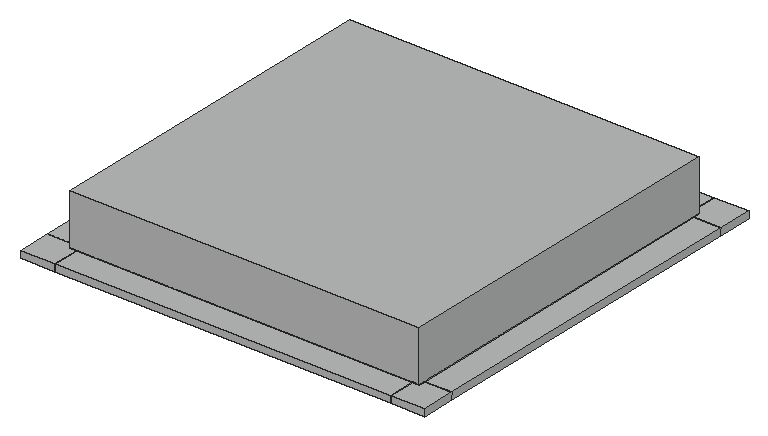
Revit family "ALUMOGIPS", category Осветительные приборы, Revit 2019 (continued)
Types (72, lengths in mm): name | Файл фотометрической сетки | built-in parameter 1150105 | Lumens | built-in parameter 1150106 | built-in parameter 1150142 | Wattage | Emit from Rectangle Width | Emit from Rectangle Length | Длина | Материал светильника | Ширина | ADSK_Ток | ADSK_Полная мощность | ADSK_Обозначение | ADSK_Номинальная мощность | ADSK_Наименование | ADSK_Масса | ADSK_Код изделия
  Alumogips-30/opal-sand 295х595 (IP40, 4000К, серый) c БАП на 1 час | "Светильник ALUMOGIPS-30 OPAL-SAND-(295x595).IES" | 198.94 (stored number, unit not read) | 2500 lm | 1.9894 (stored number, unit not read) | "IESNA:LM-63-95\r\n[TEST] Протокол №80\r\n[DATA]26.06.2016\r\n[MORE] \r\n[MANUFAC] ЗАО \"Центрстройсвет\"\r\n[LUMCAT]  Светильник ALUMOGIPS-30/OPAL-SAND-(295x595)\r\n[LUMINAIRE]\r\n[LAMPCAT] Светодиоды\r\n[LAMP] Поток источника света (светодиодов) не известен\r\n[MORE] КСС приведена в абсолютных величинах кд\r\n[MORE] Вместо потока лампы, указан поток светильника.\r\nTILT=NONE\r\n1    2420 1.0 37 73 1 2 0.295 0.595 0.04\r\n1.0 1.0 28.9\r\n0.0 5.0 10.0 15.0 20.0 25.0 30.0 35.0 40.0 45.0 50.0 55.0 60.0 65.0 70.0 75.0 80.0 85.0 90.0 95.0 100.0 105.0 110.0 115.0 120.0 125.0 130.0 135.0 140.0 145.0 150.0 155.0 160.0 165.0 170.0 175.0 180.0\r\n0.0 5.0 10.0 15.0 20.0 25.0 30.0 35.0 40.0 45.0 50.0 55.0 60.0 65.0 70.0 75.0 80.0 85.0 90.0 95.0 100.0 105.0 110.0 115.0 120.0 125.0 130.0 135.0 140.0 145.0 150.0 155.0 160.0 165.0 170.0 175.0 180.0 185.0 190.0 195.0 200.0 205.0 210.0 215.0 220.0 225.0 230.0 235.0 240.0 245.0 250.0 255.0 260.0 265.0 270.0 275.0 280.0 285.0 290.0 295.0 300.0 305.0 310.0 315.0 320.0 325.0 330.0 335.0 340.0 345.0 350.0 355.0 360.0\r\n911.1 908.3 889.4 861.2 824.6 779.8 729.1 674.3 613.8 546.0 479.1 412.2 342.1 274.7 206.6 142.5 83.1 30.5 0.2 0.0 0.0 0.0 0.0 0.0 0.0 0.0 0.0 0.0 0.0 0.0 0.0 0.0 0.0 0.0 0.0 0.0 0.0\r\n911.1 908.3 890.4 862.2 826.0 781.2 730.0 673.5 610.8 545.9 478.1 412.0 343.0 274.6 207.5 142.8 83.4 31.1 0.3 0.0 0.0 0.0 0.0 0.0 0.0 0.0 0.0 0.0 0.0 0.0 0.0 0.0 0.0 0.0 0.0 0.0 0.0\r\n911.1 908.5 890.5 862.8 826.3 781.1 729.7 670.6 612.5 548.7 480.3 412.7 344.4 275.2 207.5 143.5 83.8 31.5 0.3 0.0 0.0 0.0 0.0 0.0 0.0 0.0 0.0 0.0 0.0 0.0 0.0 0.0 0.0 0.0 0.0 0.0 0.0\r\n911.1 909.2 889.7 860.5 825.1 782.3 731.0 672.5 613.1 547.3 478.2 411.8 342.9 275.2 208.3 143.7 83.9 31.8 0.3 0.0 0.0 0.0 0.0 0.0 0.0 0.0 0.0 0.0 0.0 0.0 0.0 0.0 0.0 0.0 0.0 0.0 0.0\r\n911.1 909.0 891.0 861.5 825.6 782.4 732.7 675.9 611.0 545.2 481.9 413.1 344.4 276.1 208.3 144.0 84.6 32.0 0.3 0.0 0.0 0.0 0.0 0.0 0.0 0.0 0.0 0.0 0.0 0.0 0.0 0.0 0.0 0.0 0.0 0.0 0.0\r\n911.1 908.9 890.1 863.3 826.9 783.2 729.2 673.9 611.8 547.8 480.9 414.1 343.8 275.8 208.6 144.4 85.0 32.4 0.3 0.0 0.0 0.0 0.0 0.0 0.0 0.0 0.0 0.0 0.0 0.0 0.0 0.0 0.0 0.0 0.0 0.0 0.0\r\n911.1 908.9 890.0 862.2 828.3 782.8 731.1 675.1 614.3 547.6 481.3 413.0 345.8 276.7 208.8 145.0 85.3 32.6 0.4 0.0 0.0 0.0 0.0 0.0 0.0 0.0 0.0 0.0 0.0 0.0 0.0 0.0 0.0 0.0 0.0 0.0 0.0\r\n911.1 908.5 891.5 865.2 825.7 780.8 732.5 674.6 615.0 551.3 482.1 414.1 345.1 277.4 208.6 145.5 85.5 33.2 0.5 0.0 0.0 0.0 0.0 0.0 0.0 0.0 0.0 0.0 0.0 0.0 0.0 0.0 0.0 0.0 0.0 0.0 0.0\r\n911.1 908.2 891.4 865.6 827.3 781.0 734.3 676.9 614.9 549.4 482.0 413.8 346.2 277.0 209.5 145.9 86.0 33.8 0.4 0.0 0.0 0.0 0.0 0.0 0.0 0.0 0.0 0.0 0.0 0.0 0.0 0.0 0.0 0.0 0.0 0.0 0.0\r\n911.1 908.7 891.0 864.3 829.6 784.0 732.9 673.2 614.9 550.2 484.5 414.8 346.4 277.8 210.5 146.4 87.2 33.9 0.6 0.0 0.0 0.0 0.0 0.0 0.0 0.0 0.0 0.0 0.0 0.0 0.0 0.0 0.0 0.0 0.0 0.0 0.0\r\n911.1 909.3 890.7 863.4 828.2 782.7 733.6 675.6 617.1 551.3 485.9 416.5 347.0 279.5 211.3 147.1 87.6 34.5 0.8 0.0 0.0 0.0 0.0 0.0 0.0 0.0 0.0 0.0 0.0 0.0 0.0 0.0 0.0 0.0 0.0 0.0 0.0\r\n911.1 908.7 892.5 864.0 829.2 784.2 733.3 676.9 615.6 551.9 484.7 416.9 348.3 279.6 211.6 148.3 88.1 35.0 0.9 0.0 0.0 0.0 0.0 0.0 0.0 0.0 0.0 0.0 0.0 0.0 0.0 0.0 0.0 0.0 0.0 0.0 0.0\r\n911.1 907.6 892.1 865.2 827.4 784.6 731.8 676.8 617.7 552.8 485.1 418.8 350.7 281.3 212.5 148.4 89.0 35.7 1.0 0.0 0.0 0.0 0.0 0.0 0.0 0.0 0.0 0.0 0.0 0.0 0.0 0.0 0.0 0.0 0.0 0.0 0.0\r\n911.1 907.1 892.1 864.5 830.2 788.3 733.6 677.4 617.3 552.0 487.9 420.8 349.8 281.3 213.4 149.2 89.9 36.2 1.3 0.0 0.0 0.0 0.0 0.0 0.0 0.0 0.0 0.0 0.0 0.0 0.0 0.0 0.0 0.0 0.0 0.0 0.0\r\n911.1 907.7 891.9 865.7 828.5 785.6 735.2 678.9 620.0 555.8 488.8 421.1 351.5 282.7 215.2 149.7 90.8 36.9 1.5 0.0 0.0 0.0 0.0 0.0 0.0 0.0 0.0 0.0 0.0 0.0 0.0 0.0 0.0 0.0 0.0 0.0 0.0\r\n911.1 907.8 891.0 864.8 830.1 786.1 738.7 679.4 616.5 556.6 490.6 420.2 352.4 284.5 215.4 151.3 91.1 37.6 1.5 0.0 0.0 0.0 0.0 0.0 0.0 0.0 0.0 0.0 0.0 0.0 0.0 0.0 0.0 0.0 0.0 0.0 0.0\r\n911.1 907.6 892.2 865.5 829.8 785.3 740.8 681.1 621.3 555.2 488.2 422.8 352.5 285.0 216.2 151.5 92.2 38.3 1.9 0.0 0.0 0.0 0.0 0.0 0.0 0.0 0.0 0.0 0.0 0.0 0.0 0.0 0.0 0.0 0.0 0.0 0.0\r\n911.1 907.4 892.1 866.1 829.8 787.6 737.3 681.4 621.4 556.0 491.1 422.7 354.9 284.7 217.1 152.4 93.0 39.4 2.0 0.0 0.0 0.0 0.0 0.0 0.0 0.0 0.0 0.0 0.0 0.0 0.0 0.0 0.0 0.0 0.0 0.0 0.0\r\n911.1 907.1 892.7 864.9 831.7 788.2 738.4 680.3 623.5 555.8 491.4 423.2 354.0 286.0 218.2 152.8 93.7 40.1 1.9 0.0 0.0 0.0 0.0 0.0 0.0 0.0 0.0 0.0 0.0 0.0 0.0 0.0 0.0 0.0 0.0 0.0 0.0\r\n911.1 907.4 892.3 867.6 830.6 789.2 737.9 683.1 622.5 558.1 492.5 424.4 355.9 287.7 219.1 154.3 94.7 40.4 2.5 0.0 0.0 0.0 0.0 0.0 0.0 0.0 0.0 0.0 0.0 0.0 0.0 0.0 0.0 0.0 0.0 0.0 0.0\r\n911.1 907.5 892.4 866.9 832.1 790.0 736.6 683.9 623.3 559.4 493.1 425.9 357.0 288.4 220.1 155.2 95.3 41.1 2.6 0.0 0.0 0.0 0.0 0.0 0.0 0.0 0.0 0.0 0.0 0.0 0.0 0.0 0.0 0.0 0.0 0.0 0.0\r\n911.1 906.9 893.0 866.2 832.9 789.5 740.6 686.4 622.6 558.9 494.6 425.2 357.7 289.6 220.8 156.1 95.8 41.9 2.6 0.0 0.0 0.0 0.0 0.0 0.0 0.0 0.0 0.0 0.0 0.0 0.0 0.0 0.0 0.0 0.0 0.0 0.0\r\n911.1 906.5 892.0 867.1 832.6 789.9 741.4 686.3 627.3 561.0 497.2 429.6 357.8 290.1 222.7 156.4 96.7 42.4 3.1 0.0 0.0 0.0 0.0 0.0 0.0 0.0 0.0 0.0 0.0 0.0 0.0 0.0 0.0 0.0 0.0 0.0 0.0\r\n911.1 906.8 892.3 868.3 834.8 789.8 739.1 686.9 625.0 562.3 496.2 428.6 359.5 290.7 222.5 158.0 97.5 42.6 3.4 0.0 0.0 0.0 0.0 0.0 0.0 0.0 0.0 0.0 0.0 0.0 0.0 0.0 0.0 0.0 0.0 0.0 0.0\r\n911.1 907.7 893.1 868.2 834.1 793.7 743.1 687.9 626.4 562.8 495.5 430.8 360.5 292.6 223.4 158.6 97.7 43.5 3.3 0.0 0.0 0.0 0.0 0.0 0.0 0.0 0.0 0.0 0.0 0.0 0.0 0.0 0.0 0.0 0.0 0.0 0.0\r\n911.1 908.2 893.8 868.2 835.6 793.6 743.3 688.3 626.0 564.5 498.1 431.2 361.0 293.4 224.3 158.9 98.6 44.0 3.5 0.0 0.0 0.0 0.0 0.0 0.0 0.0 0.0 0.0 0.0 0.0 0.0 0.0 0.0 0.0 0.0 0.0 0.0\r\n911.1 906.7 894.2 868.9 835.7 792.8 743.7 688.3 628.3 564.5 497.7 430.5 361.2 293.3 224.8 160.4 99.3 44.4 3.7 0.0 0.0 0.0 0.0 0.0 0.0 0.0 0.0 0.0 0.0 0.0 0.0 0.0 0.0 0.0 0.0 0.0 0.0\r\n911.1 906.5 894.7 867.9 834.7 795.0 744.2 689.6 630.1 566.4 499.6 431.8 363.0 294.1 225.6 160.8 100.0 45.1 3.6 0.0 0.0 0.0 0.0 0.0 0.0 0.0 0.0 0.0 0.0 0.0 0.0 0.0 0.0 0.0 0.0 0.0 0.0\r\n911.1 906.5 895.1 869.9 835.9 794.8 744.6 690.7 627.4 566.4 500.2 432.4 364.0 294.7 227.0 161.2 100.6 45.6 3.8 0.0 0.0 0.0 0.0 0.0 0.0 0.0 0.0 0.0 0.0 0.0 0.0 0.0 0.0 0.0 0.0 0.0 0.0\r\n911.1 906.1 895.4 869.1 835.9 794.7 746.0 689.6 630.7 566.6 499.6 432.7 363.1 295.7 227.9 161.9 100.9 46.3 4.0 0.0 0.0 0.0 0.0 0.0 0.0 0.0 0.0 0.0 0.0 0.0 0.0 0.0 0.0 0.0 0.0 0.0 0.0\r\n911.1 906.1 894.6 870.7 836.3 795.3 746.6 689.6 632.6 567.7 500.1 432.1 364.4 296.0 227.8 162.7 101.4 46.4 4.5 0.0 0.0 0.0 0.0 0.0 0.0 0.0 0.0 0.0 0.0 0.0 0.0 0.0 0.0 0.0 0.0 0.0 0.0\r\n911.1 906.3 895.6 868.8 835.5 793.2 745.3 690.7 630.8 568.5 500.6 433.3 364.7 295.8 227.5 162.6 101.3 46.8 4.6 0.0 0.0 0.0 0.0 0.0 0.0 0.0 0.0 0.0 0.0 0.0 0.0 0.0 0.0 0.0 0.0 0.0 0.0\r\n911.1 907.0 895.4 871.8 837.5 794.5 744.5 690.6 631.8 568.8 502.5 436.2 365.6 296.2 228.3 163.9 101.9 47.1 4.6 0.0 0.0 0.0 0.0 0.0 0.0 0.0 0.0 0.0 0.0 0.0 0.0 0.0 0.0 0.0 0.0 0.0 0.0\r\n911.1 907.6 895.4 871.8 839.2 796.0 747.1 690.6 629.6 567.5 501.4 434.5 365.7 297.2 228.8 163.4 102.4 47.5 4.6 0.0 0.0 0.0 0.0 0.0 0.0 0.0 0.0 0.0 0.0 0.0 0.0 0.0 0.0 0.0 0.0 0.0 0.0\r\n911.1 906.1 895.5 871.6 838.7 794.9 748.2 694.5 632.4 570.3 502.5 434.5 365.5 297.1 229.4 164.0 102.4 47.5 4.7 0.0 0.0 0.0 0.0 0.0 0.0 0.0 0.0 0.0 0.0 0.0 0.0 0.0 0.0 0.0 0.0 0.0 0.0\r\n911.1 904.8 895.9 869.8 836.7 797.2 747.1 691.9 633.4 569.5 503.4 435.1 366.2 298.1 229.3 163.6 102.3 47.2 4.3 0.0 0.0 0.0 0.0 0.0 0.0 0.0 0.0 0.0 0.0 0.0 0.0 0.0 0.0 0.0 0.0 0.0 0.0\r\n911.1 905.3 894.0 871.2 840.2 796.2 748.3 691.8 631.5 572.4 503.6 433.5 366.8 297.9 229.2 163.3 101.8 46.8 3.8 0.0 0.0 0.0 0.0 0.0 0.0 0.0 0.0 0.0 0.0 0.0 0.0 0.0 0.0 0.0 0.0 0.0 0.0\r\n911.1 906.0 894.9 870.9 837.1 795.0 745.7 693.0 630.8 569.0 503.7 436.4 366.4 297.7 229.8 163.4 101.8 46.5 3.4 0.0 0.0 0.0 0.0 0.0 0.0 0.0 0.0 0.0 0.0 0.0 0.0 0.0 0.0 0.0 0.0 0.0 0.0\r\n911.1 905.6 893.6 871.4 839.9 797.6 749.1 691.5 633.0 570.8 502.5 434.8 366.1 296.6 228.5 162.8 101.0 46.0 2.9 0.0 0.0 0.0 0.0 0.0 0.0 0.0 0.0 0.0 0.0 0.0 0.0 0.0 0.0 0.0 0.0 0.0 0.0\r\n911.1 905.5 894.6 871.9 838.0 794.6 747.0 692.0 634.0 569.3 502.9 435.5 366.8 296.4 228.8 163.2 101.1 46.1 2.8 0.0 0.0 0.0 0.0 0.0 0.0 0.0 0.0 0.0 0.0 0.0 0.0 0.0 0.0 0.0 0.0 0.0 0.0\r\n911.1 906.2 893.1 871.0 837.2 796.8 749.0 694.0 633.1 569.5 503.5 436.7 366.4 297.6 228.4 162.6 101.3 45.7 2.8 0.0 0.0 0.0 0.0 0.0 0.0 0.0 0.0 0.0 0.0 0.0 0.0 0.0 0.0 0.0 0.0 0.0 0.0\r\n911.1 905.4 893.6 869.9 837.0 796.8 747.6 692.4 634.5 568.4 503.4 433.2 365.8 296.2 227.1 162.3 100.7 45.6 2.7 0.0 0.0 0.0 0.0 0.0 0.0 0.0 0.0 0.0 0.0 0.0 0.0 0.0 0.0 0.0 0.0 0.0 0.0\r\n911.1 905.2 893.1 870.9 837.6 799.4 749.7 694.6 632.4 569.7 501.2 433.7 366.5 296.3 227.6 162.0 100.7 45.2 2.6 0.0 0.0 0.0 0.0 0.0 0.0 0.0 0.0 0.0 0.0 0.0 0.0 0.0 0.0 0.0 0.0 0.0 0.0\r\n911.1 905.6 892.8 867.9 836.3 795.3 747.6 693.8 632.3 568.8 503.5 433.9 364.4 295.4 227.4 162.1 100.2 45.0 2.6 0.0 0.0 0.0 0.0 0.0 0.0 0.0 0.0 0.0 0.0 0.0 0.0 0.0 0.0 0.0 0.0 0.0 0.0\r\n911.1 906.0 891.2 869.4 838.7 796.6 744.5 691.3 630.5 568.4 500.5 432.6 364.8 294.7 226.6 161.5 99.4 44.6 2.4 0.0 0.0 0.0 0.0 0.0 0.0 0.0 0.0 0.0 0.0 0.0 0.0 0.0 0.0 0.0 0.0 0.0 0.0\r\n911.1 906.3 892.3 868.8 836.4 794.7 746.4 690.6 628.4 567.4 501.0 433.5 364.4 294.7 226.3 161.5 99.1 44.1 2.3 0.0 0.0 0.0 0.0 0.0 0.0 0.0 0.0 0.0 0.0 0.0 0.0 0.0 0.0 0.0 0.0 0.0 0.0\r\n911.1 906.1 891.2 870.3 836.5 796.5 746.5 691.1 630.2 565.4 501.0 432.5 361.6 293.6 224.8 160.3 98.9 43.7 2.2 0.0 0.0 0.0 0.0 0.0 0.0 0.0 0.0 0.0 0.0 0.0 0.0 0.0 0.0 0.0 0.0 0.0 0.0\r\n911.1 906.7 892.3 869.5 834.4 794.2 744.3 688.5 631.3 567.2 500.0 431.6 362.1 292.6 224.4 159.4 98.3 43.1 2.1 0.0 0.0 0.0 0.0 0.0 0.0 0.0 0.0 0.0 0.0 0.0 0.0 0.0 0.0 0.0 0.0 0.0 0.0\r\n911.1 906.3 891.7 869.3 838.3 794.6 745.1 687.7 632.2 566.3 497.6 429.3 361.9 293.2 223.9 158.7 97.6 42.4 1.9 0.0 0.0 0.0 0.0 0.0 0.0 0.0 0.0 0.0 0.0 0.0 0.0 0.0 0.0 0.0 0.0 0.0 0.0\r\n911.1 906.6 891.2 870.7 835.8 791.7 742.2 688.7 628.2 564.3 497.8 429.8 361.0 291.5 223.5 157.7 97.3 42.0 1.8 0.0 0.0 0.0 0.0 0.0 0.0 0.0 0.0 0.0 0.0 0.0 0.0 0.0 0.0 0.0 0.0 0.0 0.0\r\n911.1 906.1 891.3 868.6 834.6 791.7 744.4 685.8 625.4 562.6 496.6 428.8 360.1 290.5 222.4 157.1 96.1 41.3 1.7 0.0 0.0 0.0 0.0 0.0 0.0 0.0 0.0 0.0 0.0 0.0 0.0 0.0 0.0 0.0 0.0 0.0 0.0\r\n911.1 905.2 892.6 868.1 835.0 791.5 742.2 686.7 625.4 563.1 497.3 427.9 358.4 290.7 221.2 155.8 95.6 40.8 1.5 0.0 0.0 0.0 0.0 0.0 0.0 0.0 0.0 0.0 0.0 0.0 0.0 0.0 0.0 0.0 0.0 0.0 0.0\r\n911.1 905.3 892.8 868.0 833.0 791.3 744.3 685.1 623.6 560.5 492.9 426.5 357.2 288.9 220.3 154.7 94.8 40.1 1.3 0.0 0.0 0.0 0.0 0.0 0.0 0.0 0.0 0.0 0.0 0.0 0.0 0.0 0.0 0.0 0.0 0.0 0.0\r\n911.1 906.6 890.8 868.3 833.0 790.4 741.1 685.4 624.1 560.7 492.9 424.1 356.4 288.9 219.7 154.0 93.5 39.4 1.2 0.0 0.0 0.0 0.0 0.0 0.0 0.0 0.0 0.0 0.0 0.0 0.0 0.0 0.0 0.0 0.0 0.0 0.0\r\n911.1 907.4 891.8 866.4 833.1 790.2 739.5 683.6 621.7 561.4 494.4 424.6 356.0 287.1 219.0 153.3 92.5 38.6 1.1 0.0 0.0 0.0 0.0 0.0 0.0 0.0 0.0 0.0 0.0 0.0 0.0 0.0 0.0 0.0 0.0 0.0 0.0\r\n911.1 907.0 891.7 867.9 832.2 788.0 736.3 683.3 623.7 556.4 492.1 424.3 353.3 286.6 217.1 152.4 91.9 37.8 0.8 0.0 0.0 0.0 0.0 0.0 0.0 0.0 0.0 0.0 0.0 0.0 0.0 0.0 0.0 0.0 0.0 0.0 0.0\r\n911.1 906.8 892.1 865.5 829.5 787.9 737.3 680.4 618.9 555.6 491.7 423.2 353.3 284.2 216.2 151.5 91.3 37.0 0.7 0.0 0.0 0.0 0.0 0.0 0.0 0.0 0.0 0.0 0.0 0.0 0.0 0.0 0.0 0.0 0.0 0.0 0.0\r\n911.1 906.0 890.4 864.7 830.5 788.2 737.8 682.0 618.5 554.8 489.2 421.0 352.5 282.8 214.0 149.9 90.1 36.6 0.6 0.0 0.0 0.0 0.0 0.0 0.0 0.0 0.0 0.0 0.0 0.0 0.0 0.0 0.0 0.0 0.0 0.0 0.0\r\n911.1 905.1 891.5 865.2 828.0 784.8 738.1 677.5 619.3 553.0 488.5 419.0 350.1 282.1 214.0 149.5 89.3 35.6 0.4 0.0 0.0 0.0 0.0 0.0 0.0 0.0 0.0 0.0 0.0 0.0 0.0 0.0 0.0 0.0 0.0 0.0 0.0\r\n911.1 906.0 891.6 863.4 826.4 784.8 735.2 679.4 616.1 553.3 487.5 418.1 349.5 281.2 213.4 148.4 88.5 34.8 0.3 0.0 0.0 0.0 0.0 0.0 0.0 0.0 0.0 0.0 0.0 0.0 0.0 0.0 0.0 0.0 0.0 0.0 0.0\r\n911.1 906.8 890.4 864.5 828.0 784.0 735.1 678.8 616.8 551.9 484.6 417.7 349.7 279.3 211.1 147.6 87.7 34.2 0.3 0.0 0.0 0.0 0.0 0.0 0.0 0.0 0.0 0.0 0.0 0.0 0.0 0.0 0.0 0.0 0.0 0.0 0.0\r\n911.1 907.5 888.8 862.0 826.9 780.2 732.3 675.0 614.9 551.2 485.3 416.4 346.6 278.8 211.6 146.2 86.7 33.6 0.2 0.0 0.0 0.0 0.0 0.0 0.0 0.0 0.0 0.0 0.0 0.0 0.0 0.0 0.0 0.0 0.0 0.0 0.0\r\n911.1 907.5 889.7 863.2 826.6 785.1 732.2 672.0 614.2 551.3 484.5 416.7 346.2 277.6 210.1 145.9 85.8 32.8 0.2 0.0 0.0 0.0 0.0 0.0 0.0 0.0 0.0 0.0 0.0 0.0 0.0 0.0 0.0 0.0 0.0 0.0 0.0\r\n911.1 907.3 890.1 863.9 825.1 780.0 730.7 678.4 612.1 549.9 481.9 414.5 344.9 276.9 209.3 145.1 85.2 32.3 0.1 0.0 0.0 0.0 0.0 0.0 0.0 0.0 0.0 0.0 0.0 0.0 0.0 0.0 0.0 0.0 0.0 0.0 0.0\r\n911.1 908.5 889.1 862.4 825.5 781.7 731.2 672.6 612.0 547.6 482.4 413.8 345.8 275.4 208.5 144.0 84.8 31.6 0.1 0.0 0.0 0.0 0.0 0.0 0.0 0.0 0.0 0.0 0.0 0.0 0.0 0.0 0.0 0.0 0.0 0.0 0.0\r\n911.1 908.0 889.3 861.7 824.9 780.9 731.0 672.8 611.9 545.5 481.0 411.8 343.3 274.8 207.7 143.4 84.0 31.2 0.1 0.0 0.0 0.0 0.0 0.0 0.0 0.0 0.0 0.0 0.0 0.0 0.0 0.0 0.0 0.0 0.0 0.0 0.0\r\n911.1 906.5 887.9 861.2 824.2 781.5 729.8 672.2 609.7 547.2 479.7 411.1 343.5 274.5 206.8 143.2 83.6 30.7 0.1 0.0 0.0 0.0 0.0 0.0 0.0 0.0 0.0 0.0 0.0 0.0 0.0 0.0 0.0 0.0 0.0 0.0 0.0\r\n911.1 906.8 888.0 859.9 826.4 781.3 727.9 671.1 610.9 546.9 478.6 411.5 342.5 274.4 207.1 142.8 83.0 30.3 0.1 0.0 0.0 0.0 0.0 0.0 0.0 0.0 0.0 0.0 0.0 0.0 0.0 0.0 0.0 0.0 0.0 0.0 0.0\r\n911.1 907.2 889.6 859.4 824.1 778.8 730.0 672.0 610.3 544.9 478.2 410.6 341.6 274.5 206.3 141.9 82.8 30.0 0.1 0.0 0.0 0.0 0.0 0.0 0.0 0.0 0.0 0.0 0.0 0.0 0.0 0.0 0.0 0.0 0.0 0.0 0.0\r\n911.1 908.0 888.9 861.7 823.7 778.6 726.6 673.0 609.3 546.3 478.0 409.7 341.7 273.2 206.1 141.7 82.2 29.9 0.0 0.0 0.0 0.0 0.0 0.0 0.0 0.0 0.0 0.0 0.0 0.0 0.0 0.0 0.0 0.0 0.0 0.0 0.0\r\n911.1 908.5 889.0 862.2 823.5 778.2 729.5 669.6 608.8 545.8 478.2 411.0 340.7 272.7 206.2 142.0 82.2 29.8 0.1 0.0 0.0 0.0 0.0 0.0 0.0 0.0 0.0 0.0 0.0 0.0 0.0 0.0 0.0 0.0 0.0 0.0 0.0\r\n911.1 908.3 889.7 863.3 826.0 781.1 728.4 671.9 608.5 545.7 478.5 410.8 342.7 273.4 205.7 141.8 82.4 30.1 0.2 0.0 0.0 0.0 0.0 0.0 0.0 0.0 0.0 0.0 0.0 0.0 0.0 0.0 0.0 0.0 0.0 0.0 0.0\r\n911.1 908.3 889.4 861.2 824.6 779.8 729.1 674.3 613.8 546.0 479.1 412.2 342.1 274.7 206.6 142.5 83.1 30.5 0.2 0.0 0.0 0.0 0.0 0.0 0.0 0.0 0.0 0.0 0.0 0.0 0.0 0.0 0.0 0.0 0.0 0.0 0.0\r\n" | 16.8303 W | 275 | 575 | 595 | RAL 9006 | 295 | 0.141777 A | 32.6087 VA | "Alumogips-30/opal-sand 295х595 (IP40, 4000К, серый)" | 30 W | "Встраиваемый светодиодный светильник Alumogips-30/opal-sand 295х595 (IP40, 4000К, серый) c БАП на 1 час" | 1.3 | "ЦБ000007158"
